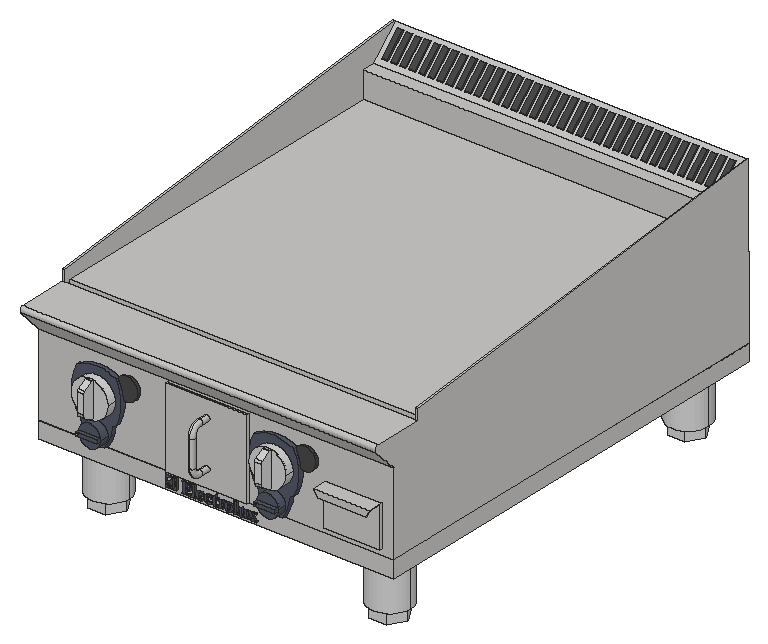
Revit family "QF_ELECTROLUXPROFESSIONAL_169182_ARG24FLCH", category Specialty Equipment, Revit 2018
Family settings
  Round Connector Dimension = Use Diameter
  Part Type = Normal
  Work Plane-Based = No
  Always vertical = Yes
  Cut with Voids When Loaded = No
  Shared = Yes
  Room Calculation Point = No
Parameters (values of type "Standard")
  Weight = 14.8137 lbm
  Watts = 0 W
  Volts = 0 V
  URL Manufacturer = "http://professional.electrolux.com"
  URL = "http://professional.electrolux.com"
  Steam Supply Size = 0"
  Steam Supply Minimum Pressure = 0.00 psi
  Steam Supply Maximum Pressure = 0.00 psi
  Steam Pounds per Hour = 0
  Refrigeration Suction Line Size = 0"
  Refrigeration Liquid Line Size = 0"
  Refrigerant Compressor Remote = yes
  Phase = 0
  Length Actual = 610 mm  # constant formula
  Item Number = "169182"
  Hot Water Size = 0"
  Height Actual = 419 mm  # constant formula
  HP = "0 HP"
  Gas Size = 3/4"
  Gas KW = 15.2
  Gas Input Pressure = 0.481837 Btu/h
  Direct Waste Size = 0"
  Depth Actual = 800 mm  # constant formula
  Cycle = 0 Hz
  Condensate Return Size = 0"
  Compressed Air Volume = 0 GPM
  Compressed Air Size = 0"
  Compressed Air Pressure = 0.00 psi
  Type Comments = ""
  Show Logo [instance] = yes
  Show Clearance [instance] = yes
  Model = "ARG24FLCH"
  Manufacturer = "Electrolux Professional"
  Description = "GAS GRIDDLE-SMOOTH - SCRATCH RESISTANT NITROCHROME3 - 24\"USA"
  Cold Water Size = 0"
  Accessory = yes
Reference planes
  plane 1 "BACK": y = 0
  plane 2: z = 0
  plane 3 "LEFT": x = 0
  plane 4 "RIGHT": x = 609.8
  plane 5 "FRONT": y = -800.013
  plane 6 "TOP": z = 419.1
Forms (mm)
  Extrusion 1, solid, material "QF_Finishes_Stainless Steel"
    sketch origin (0, 0, 0) x (0, 1, 0) y (0, 0, 1)
      loop
        arc (-793.872, 328.613) -> (-799.433, 324.967) -> (-798.31, 318.412) r 6.066
        line (-798.31, 318.412) -> (-760.413, 277.729) -> (-760.413, 137.322) -> (0, 137.322) -> (0, 276.998) -> (-708.91, 276.998) -> (-708.905, 328.613) -> (-793.872, 328.613)
      loop
        line (-760.413, 136.323) -> (-760.413, 107.95) -> (0, 107.95) -> (0, 135.757) -> (-760.413, 136.323)
    from 0 to 609.8
  Extrusion 2, solid, material "QF_Finishes_Handrails and Railings"
    sketch origin (0.5, -34.727, 0) x (1, 0, 0) y (0, 1, 0)
      loop
        line (78, -628.268) -> (48, -628.268) -> (33, -654.248) -> (48, -680.229) -> (78, -680.229) -> (93, -654.248) -> (78, -628.268)
    from 0 to 19.997
  Revolve 3, solid, material "QF_Finishes_Handrails and Railings"
    sketch origin (0.5, -688.975, 0) x (1, 0, 0) y (0, 0, 1)
      loop
        line (63, 19.997) -> (63, 107.95) -> (28, 107.95) -> (28, 19.997) -> (63, 19.997)
      axis (63, 107.95) -> (63, 19.997)
    angle from 0 to 360
  Extrusion 4, solid, material "QF_Finishes_Handrails and Railings"
    sketch origin (0.5, 605.036, 0) x (1, 0, 0) y (0, 1, 0)
      loop
        line (78, -628.268) -> (48, -628.268) -> (33, -654.248) -> (48, -680.229) -> (78, -680.229) -> (93, -654.248) -> (78, -628.268)
    from 0 to 19.997
  Revolve 5, solid, material "QF_Finishes_Handrails and Railings"
    sketch origin (0.5, -49.212, 0) x (1, 0, 0) y (0, 0, 1)
      loop
        line (63, 19.997) -> (63, 107.95) -> (28, 107.95) -> (28, 19.997) -> (63, 19.997)
      axis (63, 107.95) -> (63, 19.997)
    angle from 0 to 360
  Extrusion 6, solid, material "Navy Blue"
    sketch origin (304.8, -1.588, 1.588) x (-1, 0, 0) y (0, 0, -1)
      loop
        arc (165.246, -250.715) -> (199.561, -259.979) -> (233.876, -250.715) r 68.181
        arc (233.876, -250.715) -> (242.45, -215.016) -> (233.876, -179.317) r 78.605
        arc (233.876, -179.317) -> (230.721, -177.589) -> (227.479, -176.03) r 68.181
        arc (227.479, -176.03) -> (223.332, -156.644) -> (214.665, -138.816) r 82.207
        arc (214.665, -138.816) -> (199.561, -136.955) -> (184.457, -138.816) r 62.242
        arc (184.457, -138.816) -> (175.79, -156.644) -> (171.643, -176.03) r 82.207
        arc (171.643, -176.03) -> (168.401, -177.589) -> (165.246, -179.317) r 68.181
        arc (165.246, -179.317) -> (156.672, -215.016) -> (165.246, -250.715) r 78.605
    from 758.825 to 766.387
  Extrusion 7, solid, material "QF_Finishes_Handrails and Railings"
    sketch origin (304.8, -1.588, 1.588) x (-1, 0, 0) y (0, 0, -1)
      loop
        circle (199.561, -215.016) r 31.75
    from 766.387 to 780.308
  Extrusion 8, solid, material "QF_Finishes_Handrails and Railings"
    sketch origin (304.8, -3.659, 1.588) x (0, 1, 0) y (0, 0, -1)
      loop
        line (-780.308, -244.336) -> (-778.237, -244.336) -> (-778.237, -185.706) -> (-780.308, -185.706) -> (-794.33, -193.646)
        arc (-794.33, -193.646) -> (-796.966, -196.248) -> (-797.934, -199.824) r 7.105
        line (-797.934, -199.824) -> (-797.949, -231.821)
        arc (-797.949, -231.821) -> (-797.366, -233.985) -> (-795.772, -235.562) r 4.299
        line (-795.772, -235.562) -> (-780.308, -244.336)
    from 194.022 to 205.609
  Extrusion 9, solid, material "Navy Blue", visible <- "Show Logo"
    sketch origin (-351.193, 405.444, -1637.773) x (1, 0, 0) y (0, 0, 1)
      loop
        line (582.368, 1769.013) -> (582.368, 1751.899)
        arc (582.368, 1751.899) -> (588.694, 1760.456) -> (582.368, 1769.013) r 8.951
      loop
        arc (581.497, 1769.013) -> (574.38, 1767.396) -> (570.95, 1760.952) r 8.772
        line (570.95, 1760.952) -> (573.782, 1760.952)
        arc (573.782, 1760.952) -> (578.84, 1763.005) -> (581.497, 1767.774) r 8.222
        line (581.497, 1767.774) -> (581.497, 1769.013)
      loop
        arc (581.497, 1753.138) -> (578.84, 1757.907) -> (573.782, 1759.96) r 8.222
        line (573.782, 1759.96) -> (570.95, 1759.96)
        arc (570.95, 1759.96) -> (574.374, 1753.463) -> (581.497, 1751.679) r 9.001
        line (581.497, 1751.679) -> (581.497, 1753.138)
      loop
        line (570.301, 1769.947) -> (570.301, 1750.926) -> (589.348, 1750.926) -> (589.348, 1769.947) -> (570.301, 1769.947)
      loop
        line (598.777, 1770.063) -> (598.777, 1769.067)
        arc (598.777, 1769.067) -> (599.986, 1768.728) -> (600.624, 1767.647) r 1.683
        line (600.624, 1767.647) -> (600.624, 1753.236)
        arc (600.624, 1753.236) -> (600.013, 1752.096) -> (598.779, 1751.708) r 1.713
        line (598.779, 1751.708) -> (598.779, 1750.806) -> (613.229, 1750.806) -> (613.229, 1754.613) -> (611.987, 1754.613)
        arc (611.987, 1754.613) -> (611.185, 1753.355) -> (609.832, 1752.725) r 2.668
        line (609.832, 1752.725) -> (606.374, 1752.725)
        arc (606.374, 1752.725) -> (605.366, 1753.106) -> (604.862, 1754.059) r 1.524
        line (604.862, 1754.059) -> (604.862, 1759.714) -> (609.946, 1759.714)
        arc (609.946, 1759.714) -> (610.65, 1759.205) -> (610.953, 1758.39) r 1.498
        line (610.953, 1758.39) -> (611.756, 1758.39) -> (611.756, 1762.895) -> (610.953, 1762.895)
        arc (610.953, 1762.895) -> (610.65, 1762.08) -> (609.946, 1761.571) r 1.498
        line (609.946, 1761.571) -> (604.862, 1761.571) -> (604.862, 1768.044) -> (610.048, 1768.044)
        arc (610.048, 1768.044) -> (611.217, 1767.659) -> (611.874, 1766.618) r 1.819
        line (611.874, 1766.618) -> (612.747, 1766.618) -> (612.747, 1770.063) -> (598.777, 1770.063)
      loop
        line (614.601, 1770.063) -> (614.601, 1769.135)
        arc (614.601, 1769.135) -> (615.838, 1768.622) -> (616.35, 1767.385) r 1.75
        line (616.35, 1767.385) -> (616.35, 1754.03)
        arc (616.35, 1754.03) -> (615.802, 1752.827) -> (614.533, 1752.451) r 1.595
        line (614.533, 1752.451) -> (614.533, 1750.806) -> (621.916, 1750.806) -> (621.916, 1752.451)
        arc (621.916, 1752.451) -> (620.647, 1752.827) -> (620.098, 1754.03) r 1.595
        line (620.098, 1754.03) -> (620.098, 1770.738) -> (614.601, 1770.063)
      loop
        line (626.814, 1755.92) -> (626.814, 1757.677) -> (635.737, 1757.677) -> (635.737, 1758.783)
        arc (635.737, 1758.783) -> (634.374, 1762.354) -> (630.979, 1764.11) r 5.361
        line (630.979, 1764.11) -> (628.542, 1764.11)
        arc (628.542, 1764.11) -> (624.578, 1762.468) -> (622.936, 1758.504) r 5.606
        line (622.936, 1758.504) -> (622.936, 1755.724)
        arc (622.936, 1755.724) -> (624.991, 1751.824) -> (629.152, 1750.368) r 6.023
        arc (629.152, 1750.368) -> (632.562, 1750.872) -> (635.433, 1752.779) r 7.907
        line (635.433, 1752.779) -> (635.433, 1754.092)
        arc (635.433, 1754.092) -> (633.261, 1753.078) -> (630.883, 1752.779) r 7.722
        arc (630.883, 1752.779) -> (628.383, 1753.693) -> (626.924, 1755.92) r 4.231
      loop
        line (626.814, 1759.42) -> (632.05, 1759.42) -> (632.05, 1760.491)
        arc (632.05, 1760.491) -> (631.535, 1761.905) -> (630.232, 1762.658) r 2.2
        line (630.232, 1762.658) -> (629.084, 1762.658)
        arc (629.084, 1762.658) -> (627.346, 1761.462) -> (626.814, 1759.42) r 3.023
      loop
        arc (649.708, 1763.282) -> (647.391, 1763.959) -> (644.988, 1764.177) r 12.487
        line (644.988, 1764.177) -> (643.102, 1764.177)
        arc (643.102, 1764.177) -> (639.228, 1762.572) -> (637.623, 1758.698) r 5.479
        line (637.623, 1758.698) -> (637.623, 1755.099)
        arc (637.623, 1755.099) -> (639.412, 1751.941) -> (642.696, 1750.395) r 5.994
        line (642.696, 1750.395) -> (645.651, 1750.395)
        arc (645.651, 1750.395) -> (648.207, 1751.316) -> (650.306, 1753.041) r 7.988
        line (650.306, 1753.041) -> (650.306, 1754.295) -> (649.411, 1754.295)
        arc (649.411, 1754.295) -> (648.146, 1753.214) -> (646.529, 1752.826) r 3.56
        line (646.529, 1752.826) -> (644.432, 1752.826)
        arc (644.432, 1752.826) -> (642.161, 1754.218) -> (641.271, 1756.729) r 3.991
        line (641.271, 1756.729) -> (641.271, 1758.499)
        arc (641.271, 1758.499) -> (642.046, 1761.019) -> (644.351, 1762.302) r 3.534
        line (644.351, 1762.302) -> (645.808, 1762.302)
        arc (645.808, 1762.302) -> (647.654, 1761.43) -> (648.714, 1759.685) r 3.549
        line (648.714, 1759.685) -> (649.708, 1759.685) -> (649.708, 1763.282)
      loop
        line (650.082, 1761.873) -> (652.16, 1761.873) -> (652.16, 1753.503)
        arc (652.16, 1753.503) -> (653.07, 1751.305) -> (655.268, 1750.395) r 3.108
        line (655.268, 1750.395) -> (657.459, 1750.395)
        arc (657.459, 1750.395) -> (659.209, 1751.145) -> (660.608, 1752.436) r 5.619
        line (660.608, 1752.436) -> (660.608, 1753.323) -> (659.669, 1753.323)
        arc (659.669, 1753.323) -> (658.635, 1752.793) -> (657.474, 1752.826) r 2.339
        arc (657.474, 1752.826) -> (656.383, 1753.575) -> (655.963, 1754.83) r 2.085
        line (655.963, 1754.83) -> (655.963, 1761.94) -> (659.281, 1761.94) -> (660.051, 1762.71) -> (660.051, 1763.847) -> (656.093, 1763.847) -> (656.093, 1768.319) -> (650.082, 1761.873)
      loop
        line (661.293, 1750.696) -> (668.748, 1750.696) -> (668.748, 1752.232)
        arc (668.748, 1752.232) -> (667.432, 1752.777) -> (666.887, 1754.093) r 1.861
        line (666.887, 1754.093) -> (666.887, 1759.098)
        arc (666.887, 1759.098) -> (667.706, 1760.156) -> (668.983, 1760.557) r 2.235
        line (668.983, 1760.557) -> (671.136, 1760.557) -> (672.084, 1764.094) -> (670.17, 1764.094)
        arc (670.17, 1764.094) -> (668.269, 1763.307) -> (667.481, 1761.405) r 2.689
        line (667.481, 1761.405) -> (666.628, 1761.405) -> (666.628, 1764.008) -> (661.279, 1763.446) -> (661.279, 1762.559)
        arc (661.279, 1762.559) -> (662.506, 1762.027) -> (663.155, 1760.857) r 2.077
        line (663.155, 1760.857) -> (663.155, 1754.093)
        arc (663.155, 1754.093) -> (662.609, 1752.777) -> (661.293, 1752.232) r 1.861
        line (661.293, 1752.232) -> (661.293, 1750.696)
      loop
        line (672.381, 1759.141) -> (672.381, 1755.415)
        arc (672.381, 1755.415) -> (674.191, 1752.03) -> (677.693, 1750.461) r 5.935
        arc (677.693, 1750.461) -> (679.604, 1750.373) -> (681.514, 1750.461) r 20.791
        arc (681.514, 1750.461) -> (685.016, 1752.03) -> (686.826, 1755.415) r 5.935
        line (686.826, 1755.415) -> (686.826, 1759.141)
        arc (686.826, 1759.141) -> (685.016, 1762.525) -> (681.514, 1764.094) r 5.935
        arc (681.514, 1764.094) -> (679.604, 1764.182) -> (677.693, 1764.094) r 20.791
        arc (677.693, 1764.094) -> (674.191, 1762.525) -> (672.381, 1759.141) r 5.935
      loop
        line (676.691, 1759.424) -> (676.691, 1755.131)
        arc (676.691, 1755.131) -> (679.676, 1752.146) -> (682.661, 1755.131) r 2.985
        line (682.661, 1755.131) -> (682.661, 1759.424)
        arc (682.661, 1759.424) -> (679.676, 1762.409) -> (676.691, 1759.424) r 2.985
      loop
        line (687.88, 1770.063) -> (687.88, 1769.085)
        arc (687.88, 1769.085) -> (689.117, 1768.573) -> (689.629, 1767.336) r 1.75
        line (689.629, 1767.336) -> (689.629, 1753.683)
        arc (689.629, 1753.683) -> (689.081, 1752.479) -> (687.812, 1752.103) r 1.595
        line (687.812, 1752.103) -> (687.812, 1750.806) -> (695.195, 1750.806) -> (695.195, 1752.103)
        arc (695.195, 1752.103) -> (693.926, 1752.479) -> (693.377, 1753.683) r 1.595
        line (693.377, 1753.683) -> (693.377, 1770.738) -> (687.88, 1770.063)
      loop
        arc (700.171, 1750.54) -> (698.032, 1751.562) -> (697.164, 1753.767) r 3.235
        line (697.164, 1753.767) -> (697.164, 1760.715)
        arc (697.164, 1760.715) -> (696.604, 1761.967) -> (695.298, 1762.386) r 1.681
        line (695.298, 1762.386) -> (695.298, 1763.428) -> (700.979, 1764.025) -> (700.979, 1755.45)
        arc (700.979, 1755.45) -> (701.592, 1753.854) -> (703.116, 1753.077) r 2.386
        arc (703.116, 1753.077) -> (704.533, 1753.178) -> (705.829, 1753.76) r 4.069
        line (705.829, 1753.76) -> (705.829, 1760.822)
        arc (705.829, 1760.822) -> (705.125, 1761.863) -> (703.968, 1762.355) r 2.221
        line (703.968, 1762.355) -> (703.968, 1763.444) -> (709.786, 1763.851) -> (709.786, 1753.261)
        arc (709.786, 1753.261) -> (710.146, 1752.315) -> (711.044, 1751.847) r 1.424
        line (711.044, 1751.847) -> (711.044, 1750.806) -> (707.448, 1750.806)
        arc (707.448, 1750.806) -> (706.627, 1751.163) -> (706.329, 1752.008) r 1.123
        line (706.329, 1752.008) -> (705.504, 1752.008)
        arc (705.504, 1752.008) -> (704.088, 1750.922) -> (702.346, 1750.535) r 4.122
        line (702.346, 1750.535) -> (700.25, 1750.535)
      loop
        line (711.044, 1763.755) -> (711.044, 1762.866)
        arc (711.044, 1762.866) -> (712.509, 1762.322) -> (713.799, 1761.44) r 6.407
        line (713.799, 1761.44) -> (716.99, 1757.048) -> (712.683, 1752.264)
        arc (712.683, 1752.264) -> (712.138, 1751.936) -> (711.503, 1751.967) r 1.092
        line (711.503, 1751.967) -> (711.503, 1750.806) -> (716.409, 1750.806) -> (716.409, 1751.949)
        arc (716.409, 1751.949) -> (715.908, 1752.423) -> (716.035, 1753.101) r 0.72
        line (716.035, 1753.101) -> (718.071, 1755.592) -> (719.975, 1752.661)
        arc (719.975, 1752.661) -> (719.546, 1752.106) -> (718.854, 1751.985) r 0.969
        line (718.854, 1751.985) -> (718.854, 1750.806) -> (727.214, 1750.806) -> (727.214, 1752.033)
        arc (727.214, 1752.033) -> (726.302, 1752.126) -> (725.566, 1752.672) r 1.726
        line (725.566, 1752.672) -> (720.95, 1758.581) -> (723.582, 1761.717)
        arc (723.582, 1761.717) -> (724.763, 1762.583) -> (726.21, 1762.804) r 3.075
        line (726.21, 1762.804) -> (726.21, 1763.755) -> (720.93, 1763.755) -> (720.93, 1762.804)
        arc (720.93, 1762.804) -> (721.624, 1762.467) -> (721.553, 1761.7) r 0.677
        line (721.553, 1761.7) -> (719.786, 1759.594) -> (718.138, 1761.947)
        arc (718.138, 1761.947) -> (718.489, 1762.625) -> (719.213, 1762.866) r 1.014
        line (719.213, 1762.866) -> (719.213, 1763.755) -> (711.044, 1763.755)
    from 1165.857 to 1167.707
  Extrusion 10, solid, material "QF_Finishes_Clearance", visible <- "Show Clearance", detail levels coarse
    sketch origin (71.34, 21.382, 0) x (1, 0, 0) y (0, 1, 0)
      loop
        line (-172.94, -821.395) -> (-71.34, -821.395) -> (-71.34, -21.382) -> (538.46, -21.382) -> (538.46, -821.395) -> (640.06, -821.395) -> (640.06, 80.218) -> (-172.94, 80.218) -> (-172.94, -821.395)
    from 0 to 419.1
  Extrusion 11, solid, material "QF_Finishes_Stainless Steel"
    sketch origin (0, 0, 0) x (0, 1, 0) y (0, 0, 1)
      loop
        line (0, 418.998) -> (-708.903, 346.997) -> (-708.91, 276.998) -> (0, 276.998) -> (0, 418.998)
    from 0 to 3.175
  Extrusion 12, solid, material "QF_Finishes_Stainless Steel"
    sketch origin (609.8, 0, 0) x (0, 1, 0) y (0, 0, -1)
      loop
        line (0, -418.998) -> (0, -276.998) -> (-708.91, -276.998) -> (-708.903, -346.997) -> (0, -418.998)
    from 0 to 3.175
  Extrusion 13, solid, material "QF_Finishes_Stainless Steel"
    sketch origin (304.8, -1.588, 1.587) x (0, 1, 0) y (0, 0, 1)
      loop
        line (-758.825, 144.916) -> (-758.825, 215.324) -> (-784.99, 215.324) -> (-784.99, 213.736) -> (-761.623, 213.736) -> (-761.623, 144.916) -> (-758.825, 144.916)
    from 187.537 to 283.67
  Extrusion 14, solid, material "QF_Finishes_Stainless Steel"
    sketch origin (304.8, -784.99, 2.663) x (1, 0, 0) y (0, 0, 1)
      loop
        line (195.622, 202.174) -> (278.031, 202.174) -> (283.67, 212.66) -> (187.852, 212.66) -> (195.622, 202.174)
    from 0 to 1.588
  Extrusion 15, solid, material "Navy Blue"
    sketch origin (304.8, -1.588, -30.162) x (-1, 0, 0) y (0, 0, -1)
      loop
        circle (199.561, -189.616) r 19.05
    from 766.387 to 780.308
  Extrusion 16, solid, material "Navy Blue"
    sketch origin (304.8, -15.509, -30.163) x (-1, 0, 0) y (0, 0, -1)
      loop
        arc (217.539, -192.791) -> (217.709, -191.604) -> (217.8, -190.409) r 18.256
        line (217.8, -190.409) -> (214.102, -190.409) -> (214.102, -188.822) -> (217.8, -188.822)
        arc (217.8, -188.822) -> (217.709, -187.627) -> (217.539, -186.441) r 18.256
        line (217.539, -186.441) -> (181.583, -186.441)
        arc (181.583, -186.441) -> (181.305, -189.616) -> (181.583, -192.791) r 18.256
        line (181.583, -192.791) -> (217.539, -192.791)
    from 766.387 to 773.392
  Extrusion 17, solid, material "QF_Finishes_Stainless Steel"
    sketch origin (304.8, -15.509, -29.072) x (-1, 0, 0) y (0, 0, -1)
      loop
        line (214.102, -187.732) -> (214.102, -189.319) -> (217.8, -189.319)
        arc (217.8, -189.319) -> (217.817, -188.525) -> (217.8, -187.732) r 18.256
        line (217.8, -187.732) -> (214.102, -187.732)
    from 766.387 to 773.392
  Extrusion 18, solid, material "QF_Finishes_Black"
    sketch origin (336.55, -1.588, 1.587) x (-1, 0, 0) y (0, 0, -1)
      loop
        arc (188.782, -222.529) -> (162.976, -245.368) -> (197.014, -250.75) r 19.05
        arc (197.014, -250.75) -> (191.567, -237.028) -> (188.782, -222.529) r 78.605
    from 758.825 to 763.21
  Extrusion 19, solid, material "QF_Finishes_Black"
    sketch origin (-11.875, -3.955, 415.396) x (1, 0, 0) y (0, 0.729904, 0.68355)
      loop
        line (25.05, -49.559) -> (34.575, -49.559) -> (34.575, -3.175) -> (25.05, -3.175) -> (25.05, -49.559)
      loop
        line (40.925, -49.559) -> (50.45, -49.559) -> (50.45, -3.175) -> (40.925, -3.175) -> (40.925, -49.559)
      loop
        line (56.8, -49.559) -> (66.325, -49.559) -> (66.325, -3.175) -> (56.8, -3.175) -> (56.8, -49.559)
      loop
        line (72.675, -49.559) -> (82.2, -49.559) -> (82.2, -3.175) -> (72.675, -3.175) -> (72.675, -49.559)
      loop
        line (88.55, -49.559) -> (98.075, -49.559) -> (98.075, -3.175) -> (88.55, -3.175) -> (88.55, -49.559)
      loop
        line (104.425, -49.559) -> (113.95, -49.559) -> (113.95, -3.175) -> (104.425, -3.175) -> (104.425, -49.559)
      loop
        line (120.3, -49.559) -> (129.825, -49.559) -> (129.825, -3.175) -> (120.3, -3.175) -> (120.3, -49.559)
      loop
        line (136.175, -49.559) -> (145.7, -49.559) -> (145.7, -3.175) -> (136.175, -3.175) -> (136.175, -49.559)
      loop
        line (152.05, -49.559) -> (161.575, -49.559) -> (161.575, -3.175) -> (152.05, -3.175) -> (152.05, -49.559)
      loop
        line (167.925, -49.559) -> (177.45, -49.559) -> (177.45, -3.175) -> (167.925, -3.175) -> (167.925, -49.559)
      loop
        line (183.8, -49.559) -> (193.325, -49.559) -> (193.325, -3.175) -> (183.8, -3.175) -> (183.8, -49.559)
      loop
        line (199.675, -49.559) -> (209.2, -49.559) -> (209.2, -3.175) -> (199.675, -3.175) -> (199.675, -49.559)
      loop
        line (215.55, -49.559) -> (225.075, -49.559) -> (225.075, -3.175) -> (215.55, -3.175) -> (215.55, -49.559)
      loop
        line (231.425, -49.559) -> (240.95, -49.559) -> (240.95, -3.175) -> (231.425, -3.175) -> (231.425, -49.559)
      loop
        line (247.3, -49.559) -> (256.825, -49.559) -> (256.825, -3.175) -> (247.3, -3.175) -> (247.3, -49.559)
      loop
        line (263.175, -49.559) -> (272.7, -49.559) -> (272.7, -3.175) -> (263.175, -3.175) -> (263.175, -49.559)
      loop
        line (279.05, -49.559) -> (288.575, -49.559) -> (288.575, -3.175) -> (279.05, -3.175) -> (279.05, -49.559)
      loop
        line (294.925, -49.559) -> (304.45, -49.559) -> (304.45, -3.175) -> (294.925, -3.175) -> (294.925, -49.559)
      loop
        line (310.8, -49.559) -> (320.325, -49.559) -> (320.325, -3.175) -> (310.8, -3.175) -> (310.8, -49.559)
      loop
        line (326.675, -49.559) -> (336.2, -49.559) -> (336.2, -3.175) -> (326.675, -3.175) -> (326.675, -49.559)
      loop
        line (342.55, -49.559) -> (352.075, -49.559) -> (352.075, -3.175) -> (342.55, -3.175) -> (342.55, -49.559)
      loop
        line (358.425, -49.559) -> (367.95, -49.559) -> (367.95, -3.175) -> (358.425, -3.175) -> (358.425, -49.559)
      loop
        line (374.3, -49.559) -> (383.825, -49.559) -> (383.825, -3.175) -> (374.3, -3.175) -> (374.3, -49.559)
      loop
        line (390.175, -49.559) -> (399.7, -49.559) -> (399.7, -3.175) -> (390.175, -3.175) -> (390.175, -49.559)
      loop
        line (406.05, -49.559) -> (415.575, -49.559) -> (415.575, -3.175) -> (406.05, -3.175) -> (406.05, -49.559)
      loop
        line (421.925, -49.559) -> (431.45, -49.559) -> (431.45, -3.175) -> (421.925, -3.175) -> (421.925, -49.559)
      loop
        line (437.8, -49.559) -> (447.325, -49.559) -> (447.325, -3.175) -> (437.8, -3.175) -> (437.8, -49.559)
      loop
        line (453.675, -49.559) -> (463.2, -49.559) -> (463.2, -3.175) -> (453.675, -3.175) -> (453.675, -49.559)
      loop
        line (469.55, -49.559) -> (479.075, -49.559) -> (479.075, -3.175) -> (469.55, -3.175) -> (469.55, -49.559)
      loop
        line (485.425, -49.559) -> (494.95, -49.559) -> (494.95, -3.175) -> (485.425, -3.175) -> (485.425, -49.559)
      loop
        line (501.3, -49.559) -> (510.825, -49.559) -> (510.825, -3.175) -> (501.3, -3.175) -> (501.3, -49.559)
      loop
        line (517.175, -49.559) -> (526.7, -49.559) -> (526.7, -3.175) -> (517.175, -3.175) -> (517.175, -49.559)
      loop
        line (533.05, -49.559) -> (542.575, -49.559) -> (542.575, -3.175) -> (533.05, -3.175) -> (533.05, -49.559)
      loop
        line (548.925, -49.559) -> (558.45, -49.559) -> (558.45, -3.175) -> (548.925, -3.175) -> (548.925, -49.559)
      loop
        line (564.8, -49.559) -> (574.325, -49.559) -> (574.325, -3.175) -> (564.8, -3.175) -> (564.8, -49.559)
      loop
        line (580.675, -49.559) -> (590.2, -49.559) -> (590.2, -3.175) -> (580.675, -3.175) -> (580.675, -49.559)
      loop
        line (596.55, -49.559) -> (606.075, -49.559) -> (606.075, -3.175) -> (596.55, -3.175) -> (596.55, -49.559)
    from 0 to 1.588
  Extrusion 20, solid, material "QF_Finishes_Stainless Steel"
    sketch origin (0, 0, 0) x (0, 1, 0) y (0, 0, 1)
      loop
        line (0, 419.1) -> (-47.464, 374.65) -> (-69.521, 374.65) -> (-69.521, 328.613) -> (-698.883, 328.613) -> (-698.889, 276.998) -> (0, 276.998) -> (0, 419.1)
    from 3.175 to 606.625
  Extrusion 21, solid, material "QF_Finishes_Stainless Steel"
    sketch origin (303.213, -48.527, 20.638) x (1, 0, 0) y (0, 0, 1)
      loop
        circle (220.862, 106.363) r 9.525
    from -65.989 to -48.527
  Extrusion 22, solid, material "QF_Finishes_Handrails and Railings"
    sketch origin (609.1, -34.727, 0) x (-1, 0, 0) y (0, -1, 0)
      loop
        line (78, 628.268) -> (93, 654.248) -> (78, 680.229) -> (48, 680.229) -> (33, 654.248) -> (48, 628.268) -> (78, 628.268)
    from 0 to 19.997
  Revolve 23, solid, material "QF_Finishes_Handrails and Railings"
    sketch origin (609.1, -688.975, 0) x (-1, 0, 0) y (0, 0, -1)
      loop
        line (63, -19.997) -> (28, -19.997) -> (28, -107.95) -> (63, -107.95) -> (63, -19.997)
      axis (63, -107.95) -> (63, -19.997)
    angle from 0 to 360
  Extrusion 24, solid, material "QF_Finishes_Handrails and Railings"
    sketch origin (609.1, 605.036, 0) x (-1, 0, 0) y (0, -1, 0)
      loop
        line (78, 628.268) -> (93, 654.248) -> (78, 680.229) -> (48, 680.229) -> (33, 654.248) -> (48, 628.268) -> (78, 628.268)
    from 0 to 19.997
  Revolve 25, solid, material "QF_Finishes_Handrails and Railings"
    sketch origin (609.1, -49.212, 0) x (-1, 0, 0) y (0, 0, -1)
      loop
        line (63, -19.997) -> (28, -19.997) -> (28, -107.95) -> (63, -107.95) -> (63, -19.997)
      axis (63, -107.95) -> (63, -19.997)
    angle from 0 to 360
  Extrusion 26, solid, material "Navy Blue"
    sketch origin (609.8, -1.588, 1.587) x (-1, 0, 0) y (0, 0, -1)
      loop
        arc (165.246, -250.715) -> (199.561, -259.979) -> (233.876, -250.715) r 68.181
        arc (233.876, -250.715) -> (242.45, -215.016) -> (233.876, -179.317) r 78.605
        arc (233.876, -179.317) -> (230.721, -177.589) -> (227.479, -176.03) r 68.181
        arc (227.479, -176.03) -> (223.332, -156.644) -> (214.665, -138.816) r 82.207
        arc (214.665, -138.816) -> (199.561, -136.955) -> (184.457, -138.816) r 62.242
        arc (184.457, -138.816) -> (175.79, -156.644) -> (171.643, -176.03) r 82.207
        arc (171.643, -176.03) -> (168.401, -177.589) -> (165.246, -179.317) r 68.181
        arc (165.246, -179.317) -> (156.672, -215.016) -> (165.246, -250.715) r 78.605
    from 758.825 to 766.387
  Extrusion 27, solid, material "QF_Finishes_Handrails and Railings"
    sketch origin (609.8, -1.588, 1.587) x (-1, 0, 0) y (0, 0, -1)
      loop
        circle (199.561, -215.016) r 31.75
    from 766.387 to 780.308
  Extrusion 28, solid, material "QF_Finishes_Handrails and Railings"
    sketch origin (609.8, -3.659, 1.587) x (0, 1, 0) y (0, 0, -1)
      loop
        line (-780.308, -244.336) -> (-778.237, -244.336) -> (-778.237, -185.706) -> (-780.308, -185.706) -> (-794.33, -193.646)
        arc (-794.33, -193.646) -> (-796.966, -196.248) -> (-797.934, -199.824) r 7.105
        line (-797.934, -199.824) -> (-797.949, -231.821)
        arc (-797.949, -231.821) -> (-797.366, -233.985) -> (-795.772, -235.562) r 4.299
        line (-795.772, -235.562) -> (-780.308, -244.336)
    from 194.022 to 205.609
  Extrusion 29, solid, material "Navy Blue"
    sketch origin (609.8, -1.588, -30.163) x (-1, 0, 0) y (0, 0, -1)
      loop
        circle (199.561, -189.616) r 19.05
    from 766.387 to 780.308
  Extrusion 30, solid, material "Navy Blue"
    sketch origin (609.8, -15.509, -30.163) x (-1, 0, 0) y (0, 0, -1)
      loop
        arc (217.539, -192.791) -> (217.709, -191.604) -> (217.8, -190.409) r 18.256
        line (217.8, -190.409) -> (214.102, -190.409) -> (214.102, -188.822) -> (217.8, -188.822)
        arc (217.8, -188.822) -> (217.709, -187.627) -> (217.539, -186.441) r 18.256
        line (217.539, -186.441) -> (181.583, -186.441)
        arc (181.583, -186.441) -> (181.305, -189.616) -> (181.583, -192.791) r 18.256
        line (181.583, -192.791) -> (217.539, -192.791)
    from 766.387 to 773.392
  Extrusion 31, solid, material "QF_Finishes_Stainless Steel"
    sketch origin (609.8, -15.509, -29.072) x (-1, 0, 0) y (0, 0, -1)
      loop
        line (214.102, -187.732) -> (214.102, -189.319) -> (217.8, -189.319)
        arc (217.8, -189.319) -> (217.817, -188.525) -> (217.8, -187.732) r 18.256
        line (217.8, -187.732) -> (214.102, -187.732)
    from 766.387 to 773.392
  Extrusion 32, solid, material "QF_Finishes_Black"
    sketch origin (641.55, -1.588, 1.587) x (-1, 0, 0) y (0, 0, -1)
      loop
        arc (188.782, -222.529) -> (162.976, -245.368) -> (197.014, -250.75) r 19.05
        arc (197.014, -250.75) -> (191.567, -237.028) -> (188.782, -222.529) r 78.605
    from 758.825 to 763.21
  Extrusion 33, solid, material "QF_Finishes_Stainless Steel"
    sketch origin (496.415, -0.377, 0.389) x (0, 0, 1) y (-1, 0, 0)
      loop
        line (136.616, 135.735) -> (273.616, 135.735) -> (273.616, 274.735) -> (136.616, 274.735) -> (136.616, 135.735)
    from 760.035 to 763.551
  Sweep 34, solid, material "QF_Finishes_Stainless Steel"
    path origin (291.224, 152.933, 639.119) x (0, 0, -1) y (0, -1, 0)
      loop
        line (468.014, 916.861) -> (468.014, 932.736)
        arc (468.014, 932.736) -> (464.793, 940.513) -> (457.015, 943.735) r 10.999
        line (457.015, 943.735) -> (410.212, 943.735)
        arc (410.212, 943.735) -> (402.435, 940.513) -> (399.214, 932.736) r 10.999
        line (399.214, 932.736) -> (399.214, 916.861)
    profile origin (291.224, -771.866, 239.905) x (0, 0, -1) y (-1, 0, 0)
      loop
        circle (-4.691, 0) r 4.691
Cuts and joins
  joined: Extrusion 13, Extrusion 14
  joined: Extrusion 1, Extrusion 11, Extrusion 12
Lines and regions (mm)
  symbolic lines, style "QF-Clearances", visible <- "Show Clearance", detail levels coarse
    curve 1: line (-101.6, 101.6, 0) -> (711.4, 101.6, 0)
    curve 2: line (-101.6, 101.6, 0) -> (-101.6, -800.013, 0)
    curve 3: line (711.4, -800.013, 0) -> (711.4, 101.6, 0)
  symbolic lines
    curve 4: line (0, 0, 0) -> (609.8, 0, 0)
    curve 5: line (0, -800.013, 0) -> (0, 0, 0)
    curve 6: line (609.8, -800.013, 0) -> (0, -800.013, 0)
    curve 7: line (609.8, 0, 0) -> (609.8, -800.013, 0)
    curve 8: line (609.8, -708.905, 0) -> (0, -708.905, 0)
    curve 9: line (3.175, -708.905, 0) -> (3.175, 0, 0)
    curve 10: line (606.625, 0, 0) -> (606.625, -708.905, 0)
    curve 11: line (606.625, -47.464, 0) -> (3.175, -47.464, 0)
    curve 12: line (3.175, -69.521, 0) -> (606.625, -69.521, 0)
    curve 13: line (13.175, -41.213, 0) -> (22.7, -41.213, 0)
    curve 14: line (13.175, -6.273, 0) -> (13.175, -41.213, 0)
    curve 15: line (22.7, -6.273, 0) -> (13.175, -6.273, 0)
    curve 16: line (22.7, -41.213, 0) -> (22.7, -6.273, 0)
    curve 17: line (29.05, -6.273, 0) -> (38.575, -6.273, 0)
    curve 18: line (29.05, -41.213, 0) -> (29.05, -6.273, 0)
    curve 19: line (38.575, -41.213, 0) -> (29.05, -41.213, 0)
    curve 20: line (38.575, -6.273, 0) -> (38.575, -41.213, 0)
    curve 21: line (44.925, -6.273, 0) -> (54.45, -6.273, 0)
    curve 22: line (44.925, -41.213, 0) -> (44.925, -6.273, 0)
    curve 23: line (54.45, -41.213, 0) -> (44.925, -41.213, 0)
    curve 24: line (54.45, -6.273, 0) -> (54.45, -41.213, 0)
    curve 25: line (60.8, -6.273, 0) -> (70.325, -6.273, 0)
    curve 26: line (60.8, -41.213, 0) -> (60.8, -6.273, 0)
    curve 27: line (70.325, -41.213, 0) -> (60.8, -41.213, 0)
    curve 28: line (70.325, -6.273, 0) -> (70.325, -41.213, 0)
    curve 29: line (76.675, -6.273, 0) -> (86.2, -6.273, 0)
    curve 30: line (76.675, -41.213, 0) -> (76.675, -6.273, 0)
    curve 31: line (86.2, -41.213, 0) -> (76.675, -41.213, 0)
    curve 32: line (86.2, -6.273, 0) -> (86.2, -41.213, 0)
    curve 33: line (92.55, -6.273, 0) -> (102.075, -6.273, 0)
    curve 34: line (92.55, -41.213, 0) -> (92.55, -6.273, 0)
    curve 35: line (102.075, -41.213, 0) -> (92.55, -41.213, 0)
    curve 36: line (102.075, -6.273, 0) -> (102.075, -41.213, 0)
    curve 37: line (108.425, -6.273, 0) -> (117.95, -6.273, 0)
    curve 38: line (108.425, -41.213, 0) -> (108.425, -6.273, 0)
    curve 39: line (117.95, -41.213, 0) -> (108.425, -41.213, 0)
    curve 40: line (117.95, -6.273, 0) -> (117.95, -41.213, 0)
    curve 41: line (124.3, -6.273, 0) -> (133.825, -6.273, 0)
    curve 42: line (124.3, -41.213, 0) -> (124.3, -6.273, 0)
    curve 43: line (133.825, -41.213, 0) -> (124.3, -41.213, 0)
    curve 44: line (133.825, -6.273, 0) -> (133.825, -41.213, 0)
    curve 45: line (140.175, -6.273, 0) -> (149.7, -6.273, 0)
    curve 46: line (140.175, -41.213, 0) -> (140.175, -6.273, 0)
    curve 47: line (149.7, -41.213, 0) -> (140.175, -41.213, 0)
    curve 48: line (149.7, -6.273, 0) -> (149.7, -41.213, 0)
    curve 49: line (156.05, -6.273, 0) -> (165.575, -6.273, 0)
    curve 50: line (156.05, -41.213, 0) -> (156.05, -6.273, 0)
    curve 51: line (165.575, -41.213, 0) -> (156.05, -41.213, 0)
    curve 52: line (165.575, -6.273, 0) -> (165.575, -41.213, 0)
    curve 53: line (171.925, -6.273, 0) -> (181.45, -6.273, 0)
    curve 54: line (171.925, -41.213, 0) -> (171.925, -6.273, 0)
    curve 55: line (181.45, -41.213, 0) -> (171.925, -41.213, 0)
    curve 56: line (181.45, -6.273, 0) -> (181.45, -41.213, 0)
    curve 57: line (187.8, -6.273, 0) -> (197.325, -6.273, 0)
    curve 58: line (187.8, -41.213, 0) -> (187.8, -6.273, 0)
    curve 59: line (197.325, -41.213, 0) -> (187.8, -41.213, 0)
    curve 60: line (197.325, -6.273, 0) -> (197.325, -41.213, 0)
    curve 61: line (203.675, -6.273, 0) -> (213.2, -6.273, 0)
    curve 62: line (203.675, -41.213, 0) -> (203.675, -6.273, 0)
    curve 63: line (213.2, -41.213, 0) -> (203.675, -41.213, 0)
    curve 64: line (213.2, -6.273, 0) -> (213.2, -41.213, 0)
    curve 65: line (219.55, -6.273, 0) -> (229.075, -6.273, 0)
    curve 66: line (219.55, -41.213, 0) -> (219.55, -6.273, 0)
    curve 67: line (229.075, -41.213, 0) -> (219.55, -41.213, 0)
    curve 68: line (229.075, -6.273, 0) -> (229.075, -41.213, 0)
    curve 69: line (235.425, -6.273, 0) -> (244.95, -6.273, 0)
    curve 70: line (235.425, -41.213, 0) -> (235.425, -6.273, 0)
    curve 71: line (244.95, -41.213, 0) -> (235.425, -41.213, 0)
    curve 72: line (244.95, -6.273, 0) -> (244.95, -41.213, 0)
    curve 73: line (251.3, -6.273, 0) -> (260.825, -6.273, 0)
    curve 74: line (251.3, -41.213, 0) -> (251.3, -6.273, 0)
    curve 75: line (260.825, -41.213, 0) -> (251.3, -41.213, 0)
    curve 76: line (260.825, -6.273, 0) -> (260.825, -41.213, 0)
    curve 77: line (267.175, -6.273, 0) -> (276.7, -6.273, 0)
    curve 78: line (267.175, -41.213, 0) -> (267.175, -6.273, 0)
    curve 79: line (276.7, -41.213, 0) -> (267.175, -41.213, 0)
    curve 80: line (276.7, -6.273, 0) -> (276.7, -41.213, 0)
    curve 81: line (283.05, -6.273, 0) -> (292.575, -6.273, 0)
    curve 82: line (283.05, -41.213, 0) -> (283.05, -6.273, 0)
    curve 83: line (292.575, -41.213, 0) -> (283.05, -41.213, 0)
    curve 84: line (292.575, -6.273, 0) -> (292.575, -41.213, 0)
    curve 85: line (298.925, -6.273, 0) -> (308.45, -6.273, 0)
    curve 86: line (298.925, -41.213, 0) -> (298.925, -6.273, 0)
    curve 87: line (308.45, -41.213, 0) -> (298.925, -41.213, 0)
    curve 88: line (308.45, -6.273, 0) -> (308.45, -41.213, 0)
    curve 89: line (314.8, -6.273, 0) -> (324.325, -6.273, 0)
    curve 90: line (314.8, -41.213, 0) -> (314.8, -6.273, 0)
    curve 91: line (324.325, -41.213, 0) -> (314.8, -41.213, 0)
    curve 92: line (324.325, -6.273, 0) -> (324.325, -41.213, 0)
    curve 93: line (330.675, -6.273, 0) -> (340.2, -6.273, 0)
    curve 94: line (330.675, -41.213, 0) -> (330.675, -6.273, 0)
    curve 95: line (340.2, -41.213, 0) -> (330.675, -41.213, 0)
    curve 96: line (340.2, -6.273, 0) -> (340.2, -41.213, 0)
    curve 97: line (346.55, -6.273, 0) -> (356.075, -6.273, 0)
    curve 98: line (346.55, -41.213, 0) -> (346.55, -6.273, 0)
    curve 99: line (356.075, -41.213, 0) -> (346.55, -41.213, 0)
    curve 100: line (356.075, -6.273, 0) -> (356.075, -41.213, 0)
    curve 101: line (362.425, -6.273, 0) -> (371.95, -6.273, 0)
    curve 102: line (362.425, -41.213, 0) -> (362.425, -6.273, 0)
    curve 103: line (371.95, -41.213, 0) -> (362.425, -41.213, 0)
    curve 104: line (371.95, -6.273, 0) -> (371.95, -41.213, 0)
    curve 105: line (378.3, -6.273, 0) -> (387.825, -6.273, 0)
    curve 106: line (378.3, -41.213, 0) -> (378.3, -6.273, 0)
    curve 107: line (387.825, -41.213, 0) -> (378.3, -41.213, 0)
    curve 108: line (387.825, -6.273, 0) -> (387.825, -41.213, 0)
    curve 109: line (394.175, -6.273, 0) -> (403.7, -6.273, 0)
    curve 110: line (394.175, -41.213, 0) -> (394.175, -6.273, 0)
    curve 111: line (403.7, -41.213, 0) -> (394.175, -41.213, 0)
    curve 112: line (403.7, -6.273, 0) -> (403.7, -41.213, 0)
    curve 113: line (410.05, -6.273, 0) -> (419.575, -6.273, 0)
    curve 114: line (410.05, -41.213, 0) -> (410.05, -6.273, 0)
    curve 115: line (419.575, -41.213, 0) -> (410.05, -41.213, 0)
    curve 116: line (419.575, -6.273, 0) -> (419.575, -41.213, 0)
    curve 117: line (425.925, -6.273, 0) -> (435.45, -6.273, 0)
    curve 118: line (425.925, -41.213, 0) -> (425.925, -6.273, 0)
    curve 119: line (435.45, -41.213, 0) -> (425.925, -41.213, 0)
    curve 120: line (435.45, -6.273, 0) -> (435.45, -41.213, 0)
    curve 121: line (441.8, -6.273, 0) -> (451.325, -6.273, 0)
    curve 122: line (441.8, -41.213, 0) -> (441.8, -6.273, 0)
    curve 123: line (451.325, -41.213, 0) -> (441.8, -41.213, 0)
    curve 124: line (451.325, -6.273, 0) -> (451.325, -41.213, 0)
    curve 125: line (457.675, -6.273, 0) -> (467.2, -6.273, 0)
    curve 126: line (457.675, -41.213, 0) -> (457.675, -6.273, 0)
    curve 127: line (467.2, -41.213, 0) -> (457.675, -41.213, 0)
    curve 128: line (467.2, -6.273, 0) -> (467.2, -41.213, 0)
    curve 129: line (473.55, -6.273, 0) -> (483.075, -6.273, 0)
    curve 130: line (473.55, -41.213, 0) -> (473.55, -6.273, 0)
    curve 131: line (483.075, -41.213, 0) -> (473.55, -41.213, 0)
    curve 132: line (483.075, -6.273, 0) -> (483.075, -41.213, 0)
    curve 133: line (489.425, -6.273, 0) -> (498.95, -6.273, 0)
    curve 134: line (489.425, -41.213, 0) -> (489.425, -6.273, 0)
    curve 135: line (498.95, -41.213, 0) -> (489.425, -41.213, 0)
    curve 136: line (498.95, -6.273, 0) -> (498.95, -41.213, 0)
    curve 137: line (505.3, -6.273, 0) -> (514.825, -6.273, 0)
    curve 138: line (505.3, -41.213, 0) -> (505.3, -6.273, 0)
    curve 139: line (514.825, -41.213, 0) -> (505.3, -41.213, 0)
    curve 140: line (514.825, -6.273, 0) -> (514.825, -41.213, 0)
    curve 141: line (521.175, -6.273, 0) -> (530.7, -6.273, 0)
    curve 142: line (521.175, -41.213, 0) -> (521.175, -6.273, 0)
    curve 143: line (530.7, -41.213, 0) -> (521.175, -41.213, 0)
    curve 144: line (530.7, -6.273, 0) -> (530.7, -41.213, 0)
    curve 145: line (537.05, -6.273, 0) -> (546.575, -6.273, 0)
    curve 146: line (537.05, -41.213, 0) -> (537.05, -6.273, 0)
    curve 147: line (546.575, -41.213, 0) -> (537.05, -41.213, 0)
    curve 148: line (546.575, -6.273, 0) -> (546.575, -41.213, 0)
    curve 149: line (552.925, -6.273, 0) -> (562.45, -6.273, 0)
    curve 150: line (552.925, -41.213, 0) -> (552.925, -6.273, 0)
    curve 151: line (562.45, -41.213, 0) -> (552.925, -41.213, 0)
    curve 152: line (562.45, -6.273, 0) -> (562.45, -41.213, 0)
    curve 153: line (568.8, -6.273, 0) -> (578.325, -6.273, 0)
    curve 154: line (568.8, -41.213, 0) -> (568.8, -6.273, 0)
    curve 155: line (578.325, -41.213, 0) -> (568.8, -41.213, 0)
    curve 156: line (578.325, -6.273, 0) -> (578.325, -41.213, 0)
    curve 157: line (584.675, -6.273, 0) -> (594.2, -6.273, 0)
    curve 158: line (584.675, -41.213, 0) -> (584.675, -6.273, 0)
    curve 159: line (594.2, -41.213, 0) -> (584.675, -41.213, 0)
    curve 160: line (594.2, -6.273, 0) -> (594.2, -41.213, 0)
    curve 161: line (533.6, 17.463, 0) -> (514.55, 17.463, 0)
    curve 162: line (514.55, 17.463, 0) -> (514.55, 0, 0)
    curve 163: line (533.6, 17.463, 0) -> (533.6, 0, 0)
    curve 164: line (3.175, -698.883, 0) -> (606.625, -698.883, 0)
Dimensions and locks
  locked: plane 5 "FRONT" to plane 1 "BACK" at 800.013
  plane 6 "TOP" to level = 419.1 mm
  plane 1 "BACK" to plane 5 "FRONT" = 800.013 mm
  plane 1 "BACK" to Extrusion 4 = 49.213 mm
  plane 3 "LEFT" to plane 4 "RIGHT" = 609.8 mm
  plane 6 "TOP" to cut or joined group of Extrusion 1, Extrusion 11, Extrusion 12 = 311.15 mm
  Extrusion 4 to Extrusion 2 = 639.762 mm
  Extrusion 10 to plane 3 "LEFT" to plane 4 "RIGHT" to Extrusion 10 = 101.6 mm, 609.8 mm, 101.6 mm
  plane 1 "BACK" to Extrusion 10 = 101.6 mm
  cut or joined group of Extrusion 1, Extrusion 11, Extrusion 12 to Extrusion 21 = 19.05 mm
  Extrusion 2 to cut or joined group of Extrusion 1, Extrusion 11, Extrusion 12 = 71.438 mm
  cut or joined group of Extrusion 1, Extrusion 11, Extrusion 12 to cut or joined group of Extrusion 1, Extrusion 11, Extrusion 12 = 220.662 mm
  Extrusion 21 to plane 1 "BACK" = 17.463 mm
  aligned and locked: level to plane 2
  aligned: Extrusion 1 to Extrusion 13 sketch curve
  aligned and locked: Extrusion 20 to Extrusion 11
  aligned and locked: Extrusion 20 to Extrusion 12
Connectors
  piping at (524.075, 17.463, 127), diameter 19.05, driven by "Gas Size"
    settings: on Extrusion 21, index 1, connector inside diameter 3/4", connector length 0 mm, flow factor 0, pipe flow 0 GPM, pressure drop 0.00 psi, fitting loss kfactor 0, connector angle 0.00°, fixture units 0, engagement length 0 mm, angle of deflection 0.00°, flow configuration 1, flow direction 1, fitting loss method 0, system type 7, joint type 0, gender type 0, connector reference index -1, connector utility 0, adjustable connector no, is connector primary yes, connector description "Gas Connection"
